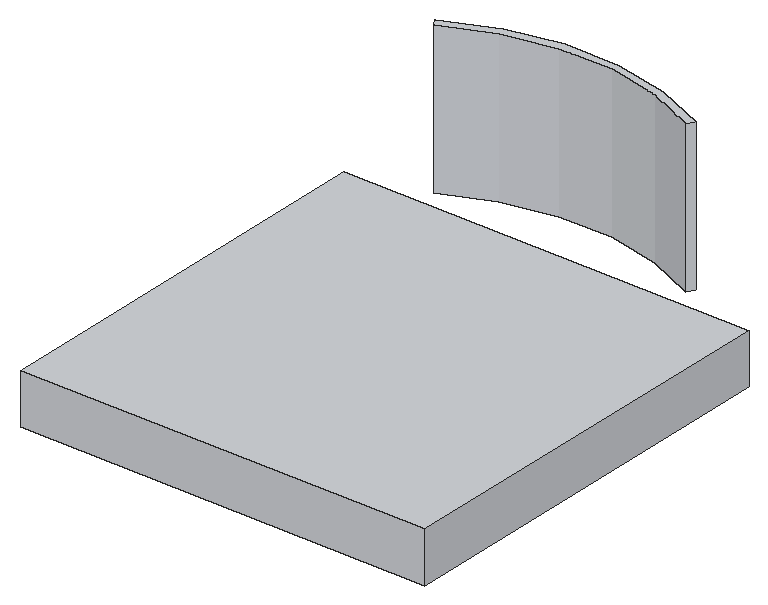
Revit family
Parameters
  Width = 0' - 1 15/16"
  URL = "www.coldspringgranite.com"
  TypicalJointSize = 0' - 0 1/4"
  TopJointOff = no
  TopJoint = if(TopJointOff, 0' 0", TypicalJointSize / 2)  # 0' - 0 1/8"
  StoneMaterial = none
  StoneAngle = 60.00°
  RightJointOff = no
  RightJointFrontAngle = 2 * (asin(RightJoint / (2 * InsideRadius)))  # 0.119366°
  RightJointBackAngle = 2 * (asin(RightJoint / (2 * OutsideRadius)))  # 0.115632°
  RightJoint = if(RightJointOff, 0' 0", TypicalJointSize / 2)  # 0' - 0 1/8"
  Product Name = "Wall Facing Stone Panels - Radial - Concave with Square Edges"
  Product Documentation Link = "http://www.coldspringgranite.com/BIM_Families/Family_Detail/Wall_Facing_Stone_Panels_-_Radial_-_Concave_with_Square_Edges/"
  PhoneNumber = "800-551-7502"
  OutsideRise = OutsideRadius - (OutsideRadius * cos(StoneAngle / 2))  # 0' - 8.29805"
  OutsideRadius = InsideRadius + Width  # 5' - 1 15/16"
  Notes = ""
  Model = "N/A"
  Manufacturer = "Cold Spring Granite Company"
  Low Emitting Material = yes
  Low Emitting Finish = yes
  Location = "17482 Granite West Road, Cold Spring, MN  56320-4578"
  Length = 2 * (InsideRadius * sin(StoneAngle / 2))  # 5' - 0"
  LeftJointOff = no
  LeftJointFrontAngle = 2 * (asin(LeftJoint / (2 * InsideRadius)))  # 0.119366°
  LeftJointBackAngle = 2 * (asin(LeftJoint / (2 * OutsideRadius)))  # 0.115632°
  LeftJoint = if(LeftJointOff, 0' 0", TypicalJointSize / 2)  # 0' - 0 1/8"
  LEED Credit = ""
  Keynote = "044256"
  InsideRise = InsideRadius - (InsideRadius * cos(StoneAngle / 2))  # 0' - 8.03848"
  InsideRadius = 5' - 0"
  Height = 3' - 0"
  FrontHalfLengthRight = InsideRadius * sin((StoneAngle - (RightJointFrontAngle * 2)) / 2)  # 2' - 5.89168"
  FrontHalfLengthLeft = InsideRadius * sin((StoneAngle - (LeftJointFrontAngle * 2)) / 2)  # 2' - 5.89168"
  Description = "Concave Radial Wall Facing"
  Default Elevation = 0' - 0"
  BottomJointOff = no
  BottomJoint = if(BottomJointOff, 0' 0", TypicalJointSize / 2)  # 0' - 0 1/8"
  BackHalfLengthRight = OutsideRadius * sin((StoneAngle - (RightJointBackAngle * 2)) / 2)  # 2' - 6.86043"
  BackHalfLengthLeft = OutsideRadius * sin((StoneAngle - (LeftJointBackAngle * 2)) / 2)  # 2' - 6.86043"
  BackHalfLength = OutsideRadius * sin(StoneAngle / 2)  # 2' - 6 31/32"
  Assembly Code = "B2010160"
  ActualOutsideRiseRight = OutsideRadius - (OutsideRadius * cos((StoneAngle - (RightJointBackAngle * 2)) / 2))  # 0' - 8.23566"
  ActualOutsideRiseLeft = OutsideRadius - (OutsideRadius * cos((StoneAngle - (LeftJointBackAngle * 2)) / 2))  # 0' - 8.23566"
  ActualInsideRiseRight = InsideRadius - (InsideRadius * cos((StoneAngle - (RightJointFrontAngle * 2)) / 2))  # 0' - 7.97609"
  ActualInsideRiseLeft = InsideRadius - (InsideRadius * cos((StoneAngle - (LeftJointFrontAngle * 2)) / 2))  # 0' - 7.97609"
Reference planes (in)
  plane 1 "Center (Front/Back)": y = 0
  plane 2: z = 0
  plane 3 "Center (Left/Right)": x = 0
  plane 4 "StoneLeftFront": x = -29.89168
  plane 5 "LeftFront": x = -30
  plane 6 "StoneLeftBack": x = -30.86043
  plane 7 "StoneRightFront": x = 29.89168
  plane 8 "RightFront": x = 30
  plane 9 "StoneRightBack": x = 30.86043
  plane 10 "LeftBack": x = -30.96875
  plane 11 "RightBack": x = 30.96875
  plane 12 "FrontEnds": y = 51.96152
  plane 13 "BackEnds": y = 53.63945
  plane 14 "FrontCenter": y = 60
  plane 15 "BackCenter": y = 61.9375
  plane 16 "FrontLeft": y = 52.02391
  plane 17 "BackLeft": y = 53.70184
  plane 18 "FrontRight": y = 52.02391
  plane 19 "BackRight": y = 53.70184
  plane 20 "StoneBottom": z = 0.125
  plane 21 "StoneTop": z = 35.875
  plane 22 "Top": z = 36
Forms (in)
  Extrusion 1, solid
    sketch origin (0, 0, 0) x (1, 0, 0) y (0, 1, 0)
      loop
        line (-48, 48) -> (-48, -48) -> (48, -48) -> (48, 48) -> (-48, 48)
    from 0 to -12
  Extrusion 2, solid, material <- "StoneMaterial", detail levels coarse
    sketch origin (0, 0, 0) x (1, 0, 0) y (0, 1, 0)
      loop
        arc (-30, 51.96152) -> (0, 60) -> (30, 51.96152) r 60
        line (30, 51.96152) -> (30.96875, 53.63945)
        arc (30.96875, 53.63945) -> (0, 61.9375) -> (-30.96875, 53.63945) r 61.9375
        line (-30.96875, 53.63945) -> (-30, 51.96152)
    from 0 to 36
  Extrusion 3, solid, material <- "StoneMaterial", detail levels medium+fine
    sketch origin (0, 0, 0) x (1, 0, 0) y (0, 1, 0)
      loop
        arc (-29.89168, 52.02391) -> (0, 60) -> (29.89168, 52.02391) r 60
        line (29.89168, 52.02391) -> (30.86043, 53.70184)
        arc (30.86043, 53.70184) -> (0, 61.9375) -> (-30.86043, 53.70184) r 61.9375
        line (-30.86043, 53.70184) -> (-29.89168, 52.02391)
    from 0.125 to 35.875
Lines and regions (in)
  Masking region 1, detail levels coarse
    outline origin (0, 0, 0) x (1, 0, 0) y (0, 1, 0)
      loop
        arc (-30, 51.96152) -> (0, 60) -> (30, 51.96152) r 60
        line (30, 51.96152) -> (30.96875, 53.63945)
        arc (30.96875, 53.63945) -> (0, 61.9375) -> (-30.96875, 53.63945) r 61.9375
        line (-30.96875, 53.63945) -> (-30, 51.96152)
  Masking region 2, detail levels medium+fine
    outline origin (0, 0, 0) x (1, 0, 0) y (0, 1, 0)
      loop
        arc (-29.89168, 52.02391) -> (0, 60) -> (29.89168, 52.02391) r 60
        line (29.89168, 52.02391) -> (30.86043, 53.70184)
        arc (30.86043, 53.70184) -> (0, 61.9375) -> (-30.86043, 53.70184) r 61.9375
        line (-30.86043, 53.70184) -> (-29.89168, 52.02391)
  Masking region 3, detail levels coarse
    outline origin (0, 51.96152, 0) x (-1, 0, 0) y (0, 0, 1)
      loop
        line (30, 0) -> (30, 36) -> (-30, 36) -> (-30, 0) -> (30, 0)
  Masking region 4, detail levels coarse
    outline origin (0, 61.9375, 0) x (-1, 0, 0) y (0, 0, 1)
      loop
        line (30.96875, 36) -> (-30.96875, 36) -> (-30.96875, 0) -> (30.96875, 0) -> (30.96875, 36)
  Masking region 5, detail levels medium+fine
    outline origin (0, 51.96152, 0) x (-1, 0, 0) y (0, 0, 1)
      loop
        line (29.89168, 0.125) -> (29.89168, 35.875) -> (-29.89168, 35.875) -> (-29.89168, 0.125) -> (29.89168, 0.125)
  Masking region 6, detail levels medium+fine
    outline origin (0, 61.9375, 0) x (-1, 0, 0) y (0, 0, 1)
      loop
        line (30.86043, 35.875) -> (-30.86043, 35.875) -> (-30.86043, 0.125) -> (30.86043, 0.125) -> (30.86043, 35.875)
  Masking region 7, detail levels coarse
    outline origin (0, 0, 0) x (0, 1, 0) y (0, 0, 1)
      loop
        line (61.9375, 0) -> (61.9375, 36) -> (51.96152, 36) -> (51.96152, 0) -> (61.9375, 0)
  Masking region 8, detail levels fine
    outline origin (0, 0, 0) x (0, 1, 0) y (0, 0, 1)
      loop
        line (61.9375, 35.875) -> (60, 35.875) -> (60, 0.125) -> (61.9375, 0.125) -> (61.9375, 35.875)
  Masking region 9, detail levels medium
    outline origin (-30.96875, 0, 0) x (0, -1, 0) y (0, 0, 1)
      loop
        line (-61.9375, 35.875) -> (-61.9375, 0.125) -> (-52.02391, 0.125) -> (-52.02391, 35.875) -> (-61.9375, 35.875)
  Masking region 10, detail levels medium
    outline origin (30.96875, 0, 0) x (0, -1, 0) y (0, 0, 1)
      loop
        line (-61.9375, 35.875) -> (-61.9375, 0.125) -> (-52.02391, 0.125) -> (-52.02391, 35.875) -> (-61.9375, 35.875)
  reference lines
    curve 1: line (-30, 51.96152, 0) -> (-30.96875, 53.63945, 0)
    curve 2: line (-29.89168, 52.02391, 0) -> (-30.86043, 53.70184, 0)
    curve 3: line (30, 51.96152, 0) -> (30.96875, 53.63945, 0)
    curve 4: line (29.89168, 52.02391, 0) -> (30.86043, 53.70184, 0)
  symbolic lines, detail levels coarse
    curve 5: line (0, 53.63945, 36) -> (0, 53.63945, 0)
  symbolic lines, detail levels medium
    curve 6: line (-30.96875, 53.70184, 35.875) -> (-30.96875, 53.70184, 0.125)
    curve 7: line (30.96875, 53.70184, 35.875) -> (30.96875, 53.70184, 0.125)
Dimensions and locks (in)
  "FrontHalfLengthLeft": plane 4 "StoneLeftFront" to plane 3 "Center (Left/Right)"
  "FrontHalfLengthRight": plane 3 "Center (Left/Right)" to plane 7 "StoneRightFront"
  equal spacing: plane 5 "LeftFront", plane 3 "Center (Left/Right)", plane 8 "RightFront"
  "Length": plane 5 "LeftFront" to plane 8 "RightFront"
  "BackHalfLengthLeft": plane 6 "StoneLeftBack" to plane 3 "Center (Left/Right)"
  "BackHalfLengthRight": plane 3 "Center (Left/Right)" to plane 9 "StoneRightBack"
  "BackHalfLength": plane 10 "LeftBack" to plane 3 "Center (Left/Right)"
  "BackHalfLength": plane 3 "Center (Left/Right)" to plane 11 "RightBack"
  "InsideRadius": plane 1 "Center (Front/Back)" to plane 14 "FrontCenter"
  "Width": plane 15 "BackCenter" to plane 14 "FrontCenter"
  "InsideRise": plane 14 "FrontCenter" to plane 12 "FrontEnds"
  "OutsideRise": plane 15 "BackCenter" to plane 13 "BackEnds"
  "ActualInsideRiseLeft": plane 14 "FrontCenter" to plane 16 "FrontLeft"
  "ActualOutsideRiseLeft": plane 15 "BackCenter" to plane 17 "BackLeft"
  "ActualInsideRiseRight": plane 14 "FrontCenter" to plane 18 "FrontRight"
  "ActualOutsideRiseRight": plane 15 "BackCenter" to plane 19 "BackRight"
  "Height": plane 22 "Top" to plane 2
  "TopJoint": plane 22 "Top" to plane 21 "StoneTop"
  "BottomJoint": plane 20 "StoneBottom" to plane 2
  "InsideRadius": radius of Extrusion 2 sketch curve
  "OutsideRadius": radius of Extrusion 2 sketch curve
  "InsideRadius": radius of Extrusion 3 sketch curve
  "OutsideRadius": radius of Extrusion 3 sketch curve
  "InsideRadius": radius of Masking region 1 sketch curve
  "OutsideRadius": radius of Masking region 1 sketch curve
  "InsideRadius": radius of Masking region 2 sketch curve
  "OutsideRadius": radius of Masking region 2 sketch curve
  aligned and locked: plane 2 to Extrusion 1
  aligned and locked: level to Extrusion 1
  aligned and locked: plane 5 "LeftFront" to curve 1
  aligned and locked: plane 12 "FrontEnds" to curve 1
  aligned and locked: plane 10 "LeftBack" to curve 1
  aligned and locked: plane 13 "BackEnds" to curve 1
  aligned and locked: plane 16 "FrontLeft" to curve 2
  aligned and locked: plane 4 "StoneLeftFront" to curve 2
  aligned and locked: plane 6 "StoneLeftBack" to curve 2
  aligned and locked: plane 17 "BackLeft" to curve 2
  aligned and locked: plane 8 "RightFront" to curve 3
  aligned and locked: curve 3 to plane 12 "FrontEnds"
  aligned and locked: plane 11 "RightBack" to curve 3
  aligned and locked: curve 3 to plane 13 "BackEnds"
  aligned and locked: plane 9 "StoneRightBack" to curve 4
  aligned and locked: curve 4 to plane 19 "BackRight"
  aligned and locked: plane 7 "StoneRightFront" to curve 4
  aligned and locked: curve 4 to plane 18 "FrontRight"
  aligned and locked: plane 12 "FrontEnds" to Extrusion 2 sketch curve
  aligned and locked: plane 10 "LeftBack" to Extrusion 2 sketch curve
  aligned and locked: plane 13 "BackEnds" to Extrusion 2 sketch curve
  aligned and locked: plane 8 "RightFront" to Extrusion 2 sketch curve
  aligned and locked: plane 11 "RightBack" to Extrusion 2 sketch curve
  aligned and locked: Extrusion 2 sketch curve to plane 13 "BackEnds"
  aligned and locked: Extrusion 2 sketch curve to curve 1
  aligned and locked: Extrusion 2 sketch curve to curve 3
  aligned and locked: Extrusion 2 to plane 2
  aligned and locked: Extrusion 2 to plane 22 "Top"
  aligned and locked: plane 16 "FrontLeft" to Extrusion 3 sketch curve
  aligned and locked: plane 6 "StoneLeftBack" to Extrusion 3 sketch curve
  aligned and locked: plane 17 "BackLeft" to Extrusion 3 sketch curve
  aligned and locked: plane 7 "StoneRightFront" to Extrusion 3 sketch curve
  aligned and locked: Extrusion 3 sketch curve to plane 19 "BackRight"
  aligned and locked: plane 9 "StoneRightBack" to Extrusion 3 sketch curve
  aligned and locked: Extrusion 3 sketch curve to curve 4
  aligned and locked: Extrusion 3 sketch curve to curve 2
  aligned and locked: Extrusion 3 to plane 20 "StoneBottom"
  aligned and locked: Extrusion 3 to plane 21 "StoneTop"
  aligned and locked: plane 12 "FrontEnds" to Masking region 1 sketch curve
  aligned and locked: plane 10 "LeftBack" to Masking region 1 sketch curve
  aligned and locked: plane 13 "BackEnds" to Masking region 1 sketch curve
  aligned and locked: plane 8 "RightFront" to Masking region 1 sketch curve
  aligned and locked: Masking region 1 sketch curve to plane 13 "BackEnds"
  aligned and locked: plane 11 "RightBack" to Masking region 1 sketch curve
  aligned and locked: Masking region 1 sketch curve to curve 1
  aligned and locked: Masking region 1 sketch curve to curve 3
  aligned and locked: plane 16 "FrontLeft" to Masking region 2 sketch curve
  aligned and locked: plane 6 "StoneLeftBack" to Masking region 2 sketch curve
  aligned and locked: plane 17 "BackLeft" to Masking region 2 sketch curve
  aligned and locked: plane 7 "StoneRightFront" to Masking region 2 sketch curve
  aligned and locked: plane 9 "StoneRightBack" to Masking region 2 sketch curve
  aligned and locked: Masking region 2 sketch curve to plane 19 "BackRight"
  aligned and locked: Masking region 2 sketch curve to curve 2
  aligned and locked: Masking region 2 sketch curve to curve 4
  aligned and locked: Masking region 3 sketch curve to plane 5 "LeftFront"
  aligned and locked: Masking region 3 sketch curve to plane 8 "RightFront"
  aligned and locked: Masking region 3 sketch curve to plane 22 "Top"
  aligned and locked: Masking region 3 sketch curve to plane 2
  aligned and locked: Masking region 4 sketch curve to plane 22 "Top"
  aligned and locked: Masking region 4 sketch curve to plane 2
  aligned and locked: Masking region 4 sketch curve to plane 10 "LeftBack"
  aligned and locked: Masking region 4 sketch curve to plane 11 "RightBack"
  aligned and locked: Masking region 5 sketch curve to plane 20 "StoneBottom"
  aligned and locked: Masking region 5 sketch curve to plane 21 "StoneTop"
  aligned and locked: Masking region 5 sketch curve to plane 4 "StoneLeftFront"
  aligned and locked: Masking region 5 sketch curve to plane 7 "StoneRightFront"
  aligned and locked: Masking region 6 sketch curve to plane 21 "StoneTop"
  aligned and locked: Masking region 6 sketch curve to plane 20 "StoneBottom"
  aligned and locked: Masking region 6 sketch curve to plane 9 "StoneRightBack"
  aligned and locked: Masking region 6 sketch curve to plane 6 "StoneLeftBack"
  aligned and locked: Masking region 7 sketch curve to plane 2
  aligned and locked: Masking region 7 sketch curve to plane 22 "Top"
  aligned and locked: plane 15 "BackCenter" to Masking region 7 sketch curve
  aligned and locked: plane 12 "FrontEnds" to Masking region 7 sketch curve
  aligned and locked: plane 2 to curve 5
  aligned and locked: plane 22 "Top" to curve 5
  aligned and locked: plane 13 "BackEnds" to curve 5
  aligned and locked: Masking region 8 sketch curve to plane 21 "StoneTop"
  aligned and locked: Masking region 8 sketch curve to plane 20 "StoneBottom"
  aligned and locked: plane 14 "FrontCenter" to Masking region 8 sketch curve
  aligned and locked: plane 15 "BackCenter" to Masking region 8 sketch curve
  aligned and locked: Masking region 9 sketch curve to plane 21 "StoneTop"
  aligned and locked: Masking region 9 sketch curve to plane 20 "StoneBottom"
  aligned and locked: plane 15 "BackCenter" to Masking region 9 sketch curve
  aligned and locked: plane 16 "FrontLeft" to Masking region 9 sketch curve
  aligned and locked: Masking region 10 sketch curve to plane 21 "StoneTop"
  aligned and locked: Masking region 10 sketch curve to plane 20 "StoneBottom"
  aligned and locked: plane 15 "BackCenter" to Masking region 10 sketch curve
  aligned and locked: plane 18 "FrontRight" to Masking region 10 sketch curve
  aligned and locked: plane 21 "StoneTop" to curve 7
  aligned and locked: plane 21 "StoneTop" to curve 6
  aligned and locked: plane 20 "StoneBottom" to curve 7
  aligned and locked: plane 20 "StoneBottom" to curve 6
  aligned and locked: plane 19 "BackRight" to curve 7
  aligned and locked: plane 17 "BackLeft" to curve 6
Automatic sketch dimensions
  Extrusion 1 sketch curve to Extrusion 1 sketch curve = 8' - 0"  (x2)
Nested families (in)
  nested 1: "CopyRight" at (0, 0, 0), type "CopyRight"
Definition of nested family "CopyRight"
  Parameters (values of type "CopyRight")
    CopyRight = "Cold Spring Granite Company"
  Reference planes (in)
    plane 1: z = 0
